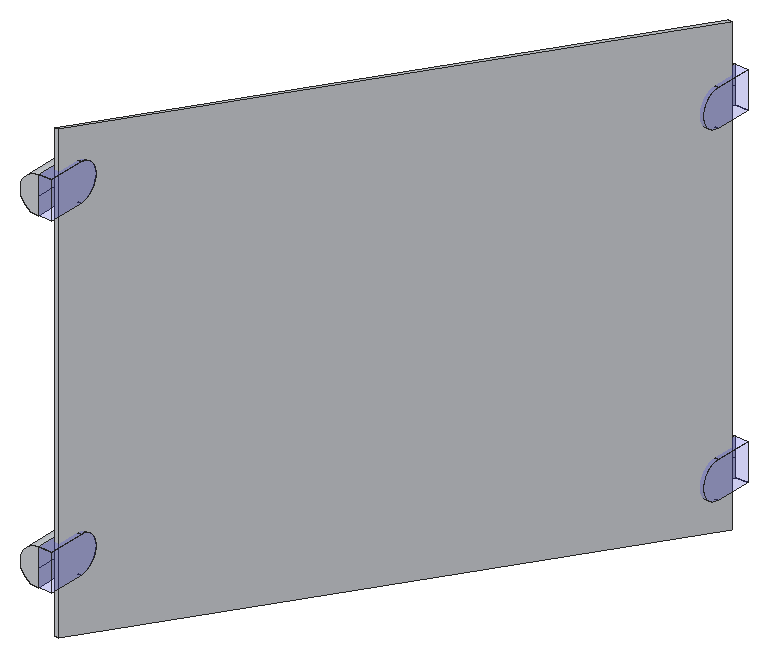
Revit family "Balaústre do painel - Vidro com suportes", category Balaústres, Revit 2019
Family settings
  Número OmniClass = 23.30.80.11.11.11
  Título OmniClass = Infill Panels
  ID de item do Seek = Baluster Panel - Glass w Brackets-0000-CAN-ENU
  Sempre na vertical = Sim
  Corte com vazios quando carregada = Não
  Compartilhado = Não
Parameters (values of type "1200 mm com intervalo de 20 mm")
  built-in parameter 1008623 [instance] = (empty or 0)
  Espessura [instance] = 6 mm
  built-in parameter 1008625 [instance] = 18.00°
  Post = no
  Material do painel = none
  Largura [instance] = 1200 mm
  Intervalo do painel = 20 mm
  Deslocamento da arandela = 100 mm
  Material de arandela = Vidro
  built-in parameter 1008624 [instance] = (empty or 0)
  built-in parameter 1008622 [instance] = 670 mm
Reference planes
  plane 1 "Centro (Frente/Trás)": y = 0
  plane 2: z = 0
  plane 3 "Centro (Esquerda/Direita)": x = 3.175
  plane 4 "Superior": z = 670
  plane 5 "Ângulo de inclinação (Superior)": through (0, 196.908, 606.021) normal (0, -0.309, -0.9511)
  plane 6 "Ângulo de inclinação (Inferior)": through (0, 0, 0) normal (0, -0.309, -0.9511)
  plane 7 "Parte frontal": y = 600
  plane 8 "Parte posterior": y = -600
  plane 9: x = 0.175
  plane 10: x = 6.175
  plane 11: x = -6.175
  plane 12: x = 12.525
  plane 13: z = 7.67
  plane 14: x = -31.175
Forms (mm)
  Extrusion 1, solid, material <- "Material do painel"
    sketch origin (3.175, 0, 0) x (0, 1, 0) y (0, 0, 1)
      loop
        line (580, -167.424) -> (580, 460.517) -> (-580, 837.424) -> (-580, 209.483) -> (580, -167.424)
    from -3 to 3
  Extrusion 2, solid, material "Vidro" <- "Material de arandela"
    sketch origin (3.175, 0, 0) x (0, 1, 0) y (0, 0, 1)
      loop
        line (600, -64.406) -> (549.2, -64.406)
        arc (549.2, -64.406) -> (523.8, -89.806) -> (549.2, -115.206) r 25.4
        line (549.2, -115.206) -> (600, -115.206) -> (600, -64.406)
    from -9.35 to 9.35
  Extrusion 3, solid, material "Vidro" <- "Material de arandela"
    sketch origin (3.175, 0, 0) x (0, 1, 0) y (0, 0, 1)
      loop
        line (-600, 325.498) -> (-600, 274.698) -> (-549.2, 274.698)
        arc (-549.2, 274.698) -> (-523.8, 300.098) -> (-549.2, 325.498) r 25.4
        line (-549.2, 325.498) -> (-600, 325.498)
    from -9.35 to 9.35
  Extrusion 4, solid, material "Vidro" <- "Material de arandela"
    sketch origin (3.175, 0, 0) x (0, 1, 0) y (0, 0, 1)
      loop
        line (600, 395.302) -> (549.2, 395.302)
        arc (549.2, 395.302) -> (523.8, 369.902) -> (549.2, 344.502) r 25.4
        line (549.2, 344.502) -> (600, 344.502) -> (600, 395.302)
    from -9.35 to 9.35
  Extrusion 5, solid, material "Vidro" <- "Material de arandela"
    sketch origin (3.175, 0, 0) x (0, 1, 0) y (0, 0, 1)
      loop
        line (-600, 785.206) -> (-600, 734.406) -> (-549.2, 734.406)
        arc (-549.2, 734.406) -> (-523.8, 759.806) -> (-549.2, 785.206) r 25.4
        line (-549.2, 785.206) -> (-600, 785.206)
    from -9.35 to 9.35
  Revolve 6, solid
    sketch origin (-6.175, 0, 0) x (0, 1, 0) y (0, 0, 1)
      loop
        line (600, -89.806) -> (600, -64.406) -> (549.2, -64.406)
        arc (549.2, -64.406) -> (531.239, -71.845) -> (523.8, -89.806) r 25.4
        line (523.8, -89.806) -> (600, -89.806)
      axis (600, -89.806) -> (523.8, -89.806)
    angle from 0 to 180
  Revolve 7, solid
    sketch origin (-6.175, 0, 0) x (0, 1, 0) y (0, 0, 1)
      loop
        line (600, 369.902) -> (600, 395.302) -> (549.2, 395.302)
        arc (549.2, 395.302) -> (531.239, 387.862) -> (523.8, 369.902) r 25.4
        line (523.8, 369.902) -> (600, 369.902)
      axis (600, 369.902) -> (523.8, 369.902)
    angle from 0 to 180
  Revolve 8, solid
    sketch origin (-6.175, 0, 0) x (0, 1, 0) y (0, 0, 1)
      loop
        line (-549.2, 785.206) -> (-600, 785.206) -> (-600, 759.806) -> (-523.8, 759.806)
        arc (-523.8, 759.806) -> (-531.239, 777.766) -> (-549.2, 785.206) r 25.4
      axis (-523.8, 759.806) -> (-600, 759.806)
    angle from 0 to 180
  Revolve 9, solid
    sketch origin (-6.175, 0, 0) x (0, 1, 0) y (0, 0, 1)
      loop
        line (-549.2, 325.498) -> (-600, 325.498) -> (-600, 300.098) -> (-523.8, 300.098)
        arc (-523.8, 300.098) -> (-531.239, 318.059) -> (-549.2, 325.498) r 25.4
      axis (-523.8, 300.098) -> (-600, 300.098)
    angle from 0 to 180
Lines and regions (mm)
  model lines, style "InvisibleLines"
    curve 1: line (3.175, 600, 454.019) -> (3.175, -600, 843.923)
    curve 2: line (3.175, 600, -173.923) -> (3.175, -600, 215.981)
    curve 3: line (3.175, 580, -188.453) -> (3.175, 580, 481.547)
    curve 4: line (3.175, -580, 188.453) -> (3.175, -580, 858.453)
  symbolic lines, style "InvisibleLines"
    curve 5: line (0, 600, -89.806) -> (0, -600, 300.098)
    curve 6: line (0, 600, 369.902) -> (0, -600, 759.806)
Text (mm)
  text "Elevação do painel do balaústre" at (0, 1279.138, 1234.25), in view "Esquerda"
Dimensions and locks
  "built-in parameter 1008622": plane 2 to plane 4 "Superior"
  "Largura": plane 8 "Parte posterior" to plane 7 "Parte frontal"
  equal spacing: plane 8 "Parte posterior", plane 1 "Centro (Frente/Trás)", plane 7 "Parte frontal"
  "Espessura": plane 9 to plane 10
  equal spacing: plane 9, plane 3 "Centro (Esquerda/Direita)", plane 10
  "Intervalo do painel": curve 1 to plane 5 "Ângulo de inclinação (Superior)"  (x2)
  "Intervalo do painel": plane 6 "Ângulo de inclinação (Inferior)" to curve 2  (x2)
  "Intervalo do painel": plane 7 "Parte frontal" to curve 3  (x2)
  "Intervalo do painel": curve 4 to plane 8 "Parte posterior"  (x2)
  "Deslocamento da arandela": plane 6 "Ângulo de inclinação (Inferior)" to curve 5  (x2)
  locked: curve 5 to Extrusion 2 sketch curve at 25.4
  locked: Extrusion 2 sketch curve to curve 5 at 25.4
  locked: plane 11 to plane 9 at 6.35
  locked: plane 10 to plane 12 at 6.35
  locked: Extrusion 3 sketch curve to curve 5 at 25.4
  locked: curve 5 to Extrusion 3 sketch curve at 25.4
  "Deslocamento da arandela": curve 6 to plane 5 "Ângulo de inclinação (Superior)"  (x2)
  locked: curve 6 to Extrusion 4 sketch curve at 25.4
  locked: Extrusion 4 sketch curve to curve 6 at 25.4
  locked: Extrusion 5 sketch curve to curve 6 at 25.4
  locked: curve 6 to Extrusion 5 sketch curve at 25.4
  plane 13 to Extrusion 2 to Extrusion 2 = 72.076 mm, 50.8 mm
  "built-in parameter 1008625": angle plane 4 "Superior" to plane 5 "Ângulo de inclinação (Superior)"
  "built-in parameter 1008625": angle level to plane 6 "Ângulo de inclinação (Inferior)"
  aligned and locked: Extrusion 1 to plane 9
  aligned and locked: Extrusion 1 to plane 10
  aligned and locked: plane 8 "Parte posterior" to curve 2
  aligned and locked: plane 7 "Parte frontal" to curve 2
  aligned and locked: plane 5 "Ângulo de inclinação (Superior)" to curve 4
  aligned and locked: plane 6 "Ângulo de inclinação (Inferior)" to curve 4
  aligned and locked: plane 5 "Ângulo de inclinação (Superior)" to curve 3
  aligned and locked: plane 6 "Ângulo de inclinação (Inferior)" to curve 3
  aligned and locked: curve 1 to Extrusion 1 sketch curve
  aligned and locked: Extrusion 1 sketch curve to curve 2
  aligned and locked: Extrusion 1 sketch curve to curve 4
  aligned and locked: curve 3 to Extrusion 1 sketch curve
  aligned and locked: plane 8 "Parte posterior" to curve 5
  aligned and locked: plane 7 "Parte frontal" to Extrusion 2 sketch curve
  aligned and locked: Extrusion 2 to plane 11
  aligned and locked: plane 12 to Extrusion 2
  aligned and locked: Extrusion 3 to plane 12
  aligned and locked: plane 11 to Extrusion 3
  aligned and locked: plane 8 "Parte posterior" to curve 6
  aligned and locked: plane 7 "Parte frontal" to curve 6
  aligned and locked: Extrusion 4 sketch curve to plane 7 "Parte frontal"
  aligned and locked: plane 11 to Extrusion 5
  aligned and locked: Extrusion 5 to plane 12
  aligned and locked: Extrusion 4 to plane 11
  aligned and locked: plane 12 to Extrusion 4
  aligned and locked: Extrusion 2 to Revolve 6 sketch curve
  aligned and locked: Revolve 6 sketch curve to Extrusion 2  (x2)
  aligned and locked: Extrusion 4 to Revolve 7 sketch curve
  aligned and locked: Revolve 7 sketch curve to Extrusion 4  (x2)
  aligned and locked: Revolve 8 sketch curve to Extrusion 5  (x2)
  aligned and locked: Revolve 9 sketch curve to Extrusion 3  (x2)
Automatic sketch dimensions
  curve 5 to plane 7 "Parte frontal" = 0 mm
  curve 1 to plane 7 "Parte frontal" = 0 mm
  curve 1 to plane 8 "Parte posterior" = 0 mm
  Extrusion 3 sketch curve to plane 8 "Parte posterior" = 0 mm
  Extrusion 3 sketch curve to Extrusion 3 sketch curve = 50.8 mm
  Extrusion 5 sketch curve to plane 8 "Parte posterior" = 0 mm
  Extrusion 5 sketch curve to Extrusion 5 sketch curve = 50.8 mm
  Revolve 6 sketch curve to Extrusion 4 = 0 mm
  Revolve 6 sketch curve to Revolve 6 sketch curve = 0 mm  (x2)
  Revolve 7 sketch curve to Extrusion 4 = 0 mm
  Revolve 7 sketch curve to Revolve 7 sketch curve = 0 mm  (x2)
  Revolve 8 sketch curve to Revolve 8 sketch curve = 0 mm  (x3)
  Revolve 9 sketch curve to Revolve 9 sketch curve = 2.789 mm
  Revolve 9 sketch curve to Revolve 9 sketch curve = 0 mm  (x2)
  Extrusion 2 sketch curve to Extrusion 2 sketch curve = 50.8 mm
  Extrusion 4 sketch curve to Extrusion 4 sketch curve = 50.8 mm
